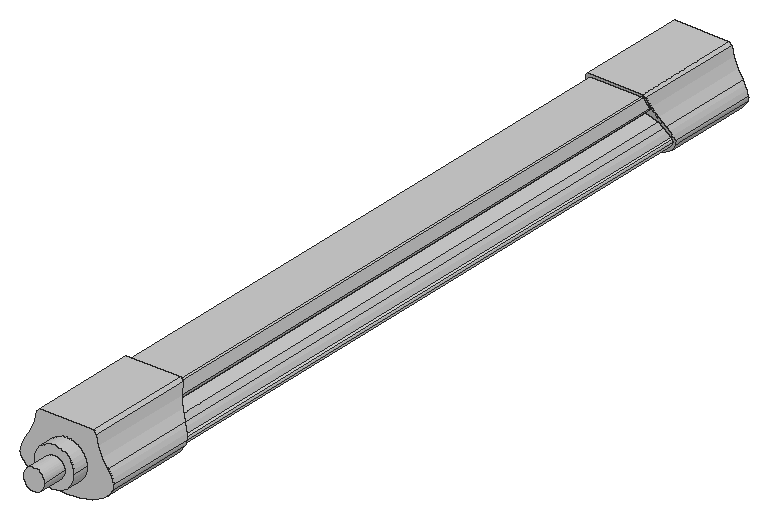
Revit family "NNFC4033088", category 照明器具, Revit 2018
Family settings
  丸型コネクタ寸法 = 直径を使用
  パーツ タイプ = 標準
  OmniClass 番号 = 23.80.70.00
  OmniClass タイトル = Lighting
  作業面ベース = はい
  常に垂直 = いいえ
  ロード時にボイドで切り取り = いいえ
  光源 = はい
  共有 = いいえ
  部屋計算ポイント = いいえ
Parameters (values of type "NNFC4033088")
  built-in parameter 1150110 = 1 (stored number, unit not read)
  長方形の長さに沿って放射 = 70 mm
  長方形の幅に沿って放射 = 474 mm
  built-in parameter 1150133 = 10 (stored number, unit not read)
  Dimming Lamp Color Temperature Shift = (empty or 0)
  説明 = "NNFC4033088"
  製造元 = "Panasonic Corp."
  built-in parameter 1150104 = 13.8 (stored number, unit not read)
  built-in parameter 1150115 = 1 (stored number, unit not read)
  built-in parameter 1150137 = 1
  built-in parameter 1150106 = 1.4324 (stored number, unit not read)
  built-in parameter 1150134 = 12
  built-in parameter 1150109 = 1 (stored number, unit not read)
  Default Elevation = 0 mm
  built-in parameter 1114218 = 1 (stored number, unit not read)
  built-in parameter 1114217 = 1 (stored number, unit not read)
  built-in parameter 1150102 = (empty or 0)
  built-in parameter 1150107 = 4000 (stored number, unit not read)
  built-in parameter 1150138 = (empty or 0)
  built-in parameter 1150132 = 2
  Lumens = 1800 lm
  built-in parameter 1150105 = 143.24 (stored number, unit not read)
  Tilt Angle = 90.00°
  built-in parameter 1150139 = (empty or 0)
  Cost = 63000
  Wattage = 12.1178 W
  Emit Shape Visible in Rendering = no
  built-in parameter 1150112 = 1 (stored number, unit not read)
  built-in parameter 1150114 = 1 (stored number, unit not read)
  Lamp = ""
  モデル = "LED Splash Proof SP Series 2G 2FT"
  フォトメトリック Web ファイル = "NNFC4033088.ies"
  タイプの説明 = "Splash Proof"
  Type Image = (empty or 0)
  built-in parameter 1150113 = 1 (stored number, unit not read)
  Color Filter = 16777215
  Voltage = 230 V
  Width = 0 mm
  URL = "https://panasonic.net/electricworks/lighting/"
  Light Source = PC
  Height = 0 mm
  Length = 0 mm
  Body = PC(White)
Reference planes
  plane 1 "Light Source Axis (F/B)": y = 0
  plane 2: z = 0
  plane 3 "Light Source Axis (L/R)": x = 0
  plane 4 "Light Source Elevation": z = 0
  plane 5: y = -330.951
Forms (mm)
  Extrusion 1, solid, material "PC(White)" <- "Body"
    sketch origin (0, 0, 0) x (1, 0, 0) y (0, 0, 1)
      loop
        line (-20.529, 0) -> (-22.715, -2.088)
        arc (-22.715, -2.088) -> (-25.528, -12.861) -> (-30.988, -22.564) r 43.421
        arc (-30.988, -22.564) -> (-33.767, -27.004) -> (-35.267, -32.022) r 19.546
        arc (-35.267, -32.022) -> (-35.267, -33.956) -> (-34.67, -35.796) r 6.201
        arc (-34.67, -35.796) -> (-31.815, -39.954) -> (-27.978, -43.228) r 19.252
        arc (-27.978, -43.228) -> (-23.724, -45.616) -> (-19.202, -47.445) r 38.427
        arc (-19.202, -47.445) -> (-9.726, -49.758) -> (0, -50.5) r 59.832
        arc (0, -50.5) -> (9.726, -49.758) -> (19.202, -47.445) r 59.832
        arc (19.202, -47.445) -> (23.724, -45.616) -> (27.978, -43.228) r 38.427
        arc (27.978, -43.228) -> (31.815, -39.954) -> (34.67, -35.796) r 19.252
        arc (34.67, -35.796) -> (35.267, -33.956) -> (35.267, -32.022) r 6.201
        arc (35.267, -32.022) -> (33.767, -27.004) -> (30.988, -22.564) r 19.546
        arc (30.988, -22.564) -> (25.528, -12.861) -> (22.715, -2.088) r 43.421
        line (22.715, -2.088) -> (20.529, 0) -> (-20.529, 0)
    from -300 to 300
  Extrusion 2, void
    sketch origin (0, 0, 0) x (0, 1, 0) y (0, 0, 1)
      loop
        line (216.255, 5) -> (-216.255, 5)
        arc (-216.255, 5) -> (-228.39, -25.116) -> (-239.837, -55.501) r 1427.672
        line (-239.837, -55.501) -> (239.837, -55.501)
        arc (239.837, -55.501) -> (228.39, -25.116) -> (216.255, 5) r 1427.672
    from -50 to 50
  Extrusion 3, solid, material "PC" <- "Light Source"
    sketch origin (0, 0, 0) x (1, 0, 0) y (0, 0, 1)
      loop
        arc (-32.324, -30.289) -> (-32.595, -31.342) -> (-32.798, -32.411) r 17.046
        arc (-32.798, -32.411) -> (-32.797, -33.565) -> (-32.441, -34.663) r 3.701
        arc (-32.441, -34.663) -> (-29.957, -38.281) -> (-26.619, -41.13) r 16.752
        arc (-26.619, -41.13) -> (-22.642, -43.362) -> (-18.414, -45.073) r 35.927
        arc (-18.414, -45.073) -> (-9.327, -47.29) -> (0, -48) r 57.332
        arc (0, -48) -> (9.327, -47.29) -> (18.414, -45.073) r 57.332
        arc (18.414, -45.073) -> (22.642, -43.362) -> (26.619, -41.13) r 35.927
        arc (26.619, -41.13) -> (29.957, -38.281) -> (32.441, -34.663) r 16.752
        arc (32.441, -34.663) -> (32.797, -33.565) -> (32.798, -32.411) r 3.701
        arc (32.798, -32.411) -> (32.595, -31.342) -> (32.324, -30.289) r 17.046
        line (32.324, -30.289) -> (-32.324, -30.289)
    from -300 to 300
  Extrusion 4, solid, material "PC(White)" <- "Body"
    sketch origin (0, 0, 0) x (1, 0, 0) y (0, 0, 1)
      loop
        line (-19.527, -2.5) -> (-20.357, -3.293)
        arc (-20.357, -3.293) -> (-21.17, -7.459) -> (-22.364, -11.533) r 45.921
        arc (-22.364, -11.533) -> (-22.066, -12.25) -> (-21.349, -12.547) r 1.015
        line (-21.349, -12.547) -> (-18.1, -12.547) -> (-18.1, -16.399) -> (-26.386, -20.181)
        arc (-26.386, -20.181) -> (-27.655, -22.182) -> (-29.026, -24.115) r 45.921
        arc (-29.026, -24.115) -> (-30.995, -27.031) -> (-32.324, -30.289) r 17.046
        line (-32.324, -30.289) -> (32.324, -30.289)
        arc (32.324, -30.289) -> (30.995, -27.031) -> (29.026, -24.115) r 17.046
        arc (29.026, -24.115) -> (27.655, -22.182) -> (26.386, -20.181) r 45.921
        line (26.386, -20.181) -> (18.1, -16.399) -> (18.1, -12.547) -> (21.349, -12.547)
        arc (21.349, -12.547) -> (22.066, -12.25) -> (22.364, -11.533) r 1.015
        arc (22.364, -11.533) -> (21.17, -7.459) -> (20.357, -3.293) r 45.921
        line (20.357, -3.293) -> (19.527, -2.5) -> (-19.527, -2.5)
    from -300 to 300
  Extrusion 5, void
    sketch origin (0, 0, 0) x (0, 1, 0) y (0, 0, 1)
      loop
        line (300, 5) -> (216.255, 5)
        arc (216.255, 5) -> (228.39, -25.116) -> (239.837, -55.501) r 1427.672
        line (239.837, -55.501) -> (300, -55.501) -> (300, 5)
      loop
        arc (-239.837, -55.501) -> (-228.39, -25.116) -> (-216.255, 5) r 1427.672
        line (-216.255, 5) -> (-300, 5) -> (-300, -55.501) -> (-239.837, -55.501)
    from -50 to 50
  Extrusion 6, solid, material "PC(White)" <- "Body"
    sketch origin (0, 0, -0.219) x (1, 0, 0) y (0, 0, 1)
      loop
        circle (0, -26.781) r 15
    from 300 to 312
  Extrusion 7, solid, material "PC(White)" <- "Body"
    sketch origin (0, 0, -0.219) x (1, 0, 0) y (0, 0, 1)
      loop
        circle (0, -26.781) r 8
    from 312 to 330.951
Cuts and joins
  Extrusion 2 cuts Extrusion 1
  Extrusion 5 cuts Extrusion 3
  Extrusion 5 cuts Extrusion 4
Dimensions and locks
  aligned and locked: level to plane 2
Connectors
  electrical at (0, -330.951, -27)
    settings: on plane 5, index 1, voltage 0 V, apparent load 0 VA, apparent load phase1 0 VA, apparent load phase2 0 VA, apparent load phase3 0 VA, power factor 1, load classification "Other", number of poles 1, system type 30, power factor state 1, is connector primary yes, connector utility no, sub classification motor no, connector description ""
